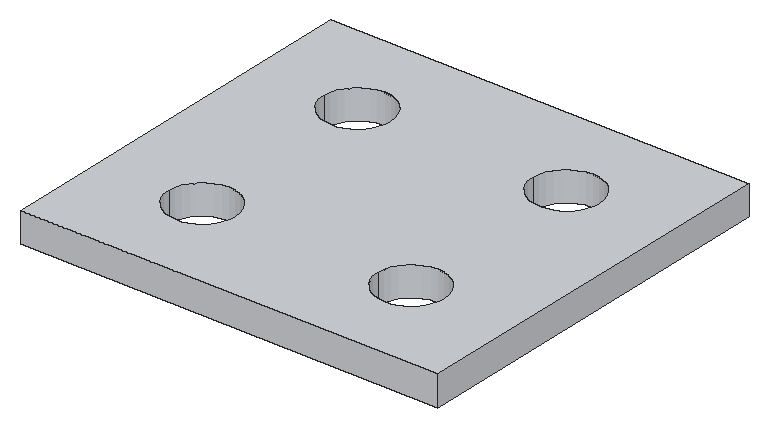
Revit family "Fitting-Flat_Plate-Unistrut-P2079", category Specialty Equipment, Revit 2012
Parameters (values of type "P2079")
  ecoScorecard_data = "http://products.ecoscorecard.com/atkore/P2079"
  ecoScorecard Product Page = "http://products.ecoscorecard.com/atkore/P2079?action=html"
  Weight Per Piece = 0.73 lbf
  Unit = none
  Unistrut Part Number = "P2079"  # constant formula
  URL = "http://unistrut.us/index.php"
  Thickness = 0' - 0 1/4"  # constant formula
  Subcategory = "Flat Plate Fittings"  # constant formula
  Product Page URL = "http://unistrut.us/index.php?WP=cat_detail&S=S05&P=P2079"
  Power Strut Part Number = "PS 621"  # constant formula
  Part Type = "Fitting"  # constant formula
  Overall Width = 0' - 3 1/4"  # constant formula
  Overall Length = 0' - 3 1/2"  # constant formula
  Model = "P2079"  # constant formula
  Material = ""
  Manufacturer Phone - Toll Free = "800-882-5543"  # constant formula
  Manufacturer Phone = "708-339-1610"  # constant formula
  Manufacturer Fax = "708-339-7814"  # constant formula
  Manufacturer Email = "mailto:questions@atkore.com"
  Manufacturer Address = "16100 South Lathrop Avenue, Harvey, IL 60426"  # constant formula
  Manufacturer = "Unistrut by Atkore International"  # constant formula
  Load Capacity Note = "Visit the product page for load application and capacity."  # constant formula
  Literature URL = "http://unistrut.us/index.php?WP=LItLibrary"
  Hole Diameter = 0' - 0 9/16"
  Cost Info = "mailto:questions@atkore.com"
  CAD URL = "http://unistrut.us/index.php?WP=CAD3d"
  Assembly Code = "D5020100"
  95 CSI = "16070"  # constant formula
  04 CSI = "26 05 48"  # constant formula
Reference planes (in)
  plane 1 "Center (Front/Back)": y = 0
  plane 2: z = 0
  plane 3 "Center (Left/Right)": x = 0
  plane 4: y = 1.625
  plane 5: y = -1.625
  plane 6: x = -1.75
  plane 7: x = 1.75
  plane 8: z = 0.25
  plane 9: y = 0.8125
  plane 10: y = -0.8125
  plane 11: x = 0.875
  plane 12: x = -0.875
Dimensions and locks (in)
  equal spacing: plane 6, plane 3 "Center (Left/Right)", plane 7
  "Overall Length": plane 6 to plane 7
  equal spacing: plane 4, plane 1 "Center (Front/Back)", plane 5
  "Overall Width": plane 4 to plane 5
  "Thickness": plane 8 to plane 2
  aligned and locked: level to plane 2
  aligned and locked: plane 3 "Center (Left/Right)" to nested 1
  aligned and locked: plane 1 "Center (Front/Back)" to nested 1
Nested families (in)
  nested 1: "P207" at (0, 0, 0), type "P207"
    with Length 0' - 3 1/2"
Definition of nested family "P207"
  Parameters (values of type "P2079")
    Width = 0' - 3 1/4"
    Unit = none
    Thickness = 0' - 0 1/4"
    Radiuis = Diameter / 2  # 0' - 0 9/32"
    Length = 0' - 3 1/4"
    Diameter = 0' - 0 9/16"
    Default Elevation = 4' - 0"
    Bolt Length [instance] = 0' - 1 1/2"
  Reference planes (in)
    plane 1 "Center (Front/Back)": y = 0
    plane 2: z = 0
    plane 3 "Center (Left/Right)": x = 0
    plane 4: y = 1.625
    plane 5: y = -1.625
    plane 6: x = -1.625
    plane 7: x = 1.625
    plane 8: z = 0.25
    plane 9: x = -0.75
    plane 10: x = 0.75
    plane 11: z = 0.125
    plane 12: y = 0.8125
    plane 13: y = -0.8125
  Forms (in)
    Extrusion 1, solid, material <- "Unit"
      sketch origin (0, -0.8125, 0.125) x (1, 0, 0) y (0, 1, 0)
        loop
          line (-1.625, 2.4375) -> (-1.625, -0.8125) -> (1.625, -0.8125) -> (1.625, 2.4375) -> (-1.625, 2.4375)
        loop
          circle (0.75, 1.625) r 0.28125
        loop
          circle (-0.75, 1.625) r 0.28125
        loop
          circle (-0.75, 0) r 0.28125
        loop
          circle (0.75, 0) r 0.28125
      from -0.125 to 0.125
  Dimensions and locks (in)
    equal spacing: plane 6, plane 3 "Center (Left/Right)", plane 7
    "Length": plane 6 to plane 7
    equal spacing: plane 4, plane 1 "Center (Front/Back)", plane 5
    "Width": plane 4 to plane 5
    "Thickness": plane 8 to plane 2
    equal spacing: plane 8, plane 11, plane 2
    locked: plane 9 to plane 6 at 0.875
    locked: plane 10 to plane 7 at 0.875
    equal spacing: plane 10, plane 3 "Center (Left/Right)", plane 9
    equal spacing: plane 4, plane 12, plane 1 "Center (Front/Back)"
    equal spacing: plane 12, plane 1 "Center (Front/Back)", plane 13
    plane 12 to plane 13 = 0' - 1 5/8"
    "Radiuis": radius of Extrusion 1 sketch curve
    aligned and locked: level to plane 2
    aligned and locked: Extrusion 1 sketch curve to plane 6
    aligned and locked: plane 7 to Extrusion 1 sketch curve
    aligned and locked: Extrusion 1 sketch curve to plane 4
    aligned and locked: plane 5 to Extrusion 1 sketch curve
    aligned and locked: plane 10 to Extrusion 1 sketch curve  (x2)
    aligned and locked: plane 12 to Extrusion 1 sketch curve  (x2)
    aligned and locked: plane 9 to Extrusion 1 sketch curve  (x2)
    aligned and locked: plane 13 to Extrusion 1 sketch curve  (x2)
  Automatic sketch dimensions
    radius of Extrusion 1 sketch curve = 0' - 0 9/32"  (x3)
